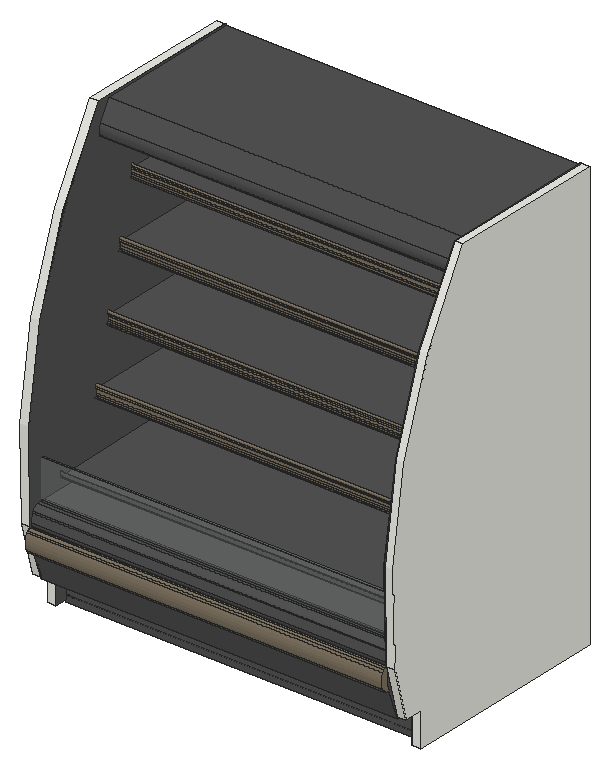
Revit family "IM-C5-R_2014", category Specialty Equipment, Revit 2014
Parameters (values of type "4'-0" Length")
  Width = 48"
  Waste Drain = 1 1/2"  # constant formula
  URL = "www.hussmann.com"
  Type Comments = "Isla"  # constant formula
  Trim = Textured Sheet Metal (Steel Painted) - 701 Black
  Total Weight = Case Weight + (2 * End Weight)  # 0.00 lbf
  Splashguard = Textured Sheet Metal (Steel Painted) - 701 Black
  Side Panel - Right [instance] = yes
  Side Panel - Left [instance] = yes
  Shelves = Sheet Metal (Steel Painted) - 701 Black
  Shelf Lights [instance] = yes
  Revit Family Date = "08/11/2015"  # constant formula
  Refrigeration Lines Suction = 7/8"  # constant formula
  Refrigeration Lines Liquid = 3/8"  # constant formula
  Refrig. Suction = "Suction"
  Refrig. Liquid = "Liquid"
  Note from Manufacturer = "This model only comes in 4'-0\", 5'-0\", 6'-0\", 8'-0\", 10'-0\", and 12'-0\" lengths."
  Model URL = "http://www.hussmann.com/en/Product%20Viewer/display-cases/IM-R"
  Model = "IM-C5-R (Center)"  # constant formula
  Manufacturer Disclaimer = "The information in this file is not intended to be an exact representation of the corresponding Hussmann product.  Further, we reserve the right to change or revise specifications and product design in connection with any feature of our products. Such changes do not entitle the buyer to corresponding changes, improvements, additions, or replacements for equipment previously sold or shipped."  # constant formula
  Manufacturer = "Hussmann Corporation"  # constant formula
  Height = 58"  # constant formula
  Glazing = Glass
  Ends = Textured Sheet Metal (Steel Painted) - 149 White Satin Matte
  End Weight = 0.00 lbf  # constant formula
  Description = "Isla Refrigerated Multi-Deck Self-Service"  # constant formula
  Depth = 33 5/8"  # constant formula
  Cutsheet URL = "http://www.hussmann.com/en/Technical%20Documents/IM-05-R_ds_032015_En.pdf"
  Close Off Panel = Textured Sheet Metal (Steel Painted) - 701 Black
  Case Weight = 0.00 lbf
  Case Interior - Side Panel = Sheet Metal (Steel Painted) - 701 Black
  Case Interior - Back Panel = Sheet Metal (Steel Painted) - 701 Black
  Case = Textured Sheet Metal (Steel Painted) - 701 Black
  Bumper = Extruded PVC - 747 Chocolate Brown
  Assembly Code = ""
  Accessories/Options = ""
Types (6): name | Width
  4'-0" Length | 48"
  5'-0" Length | 60"
  6'-0" Length | 72"
  8'-0" Length | 84"
  10'-0" Length | 120"
  12'-0" Length | 144"
Reference planes (in)
  plane 1 "Back": y = 0
  plane 2 "Bottom": z = 0
  plane 3 "Top": z = 58
  plane 4 "Left": x = -77.30699
  plane 5 "Front": y = -33.625
  plane 6 "Center (Left/Right)": x = -53.30699
  plane 7: x = -78.43199
  plane 8 "Right": x = -29.30699
  plane 9: x = -28.18199
  plane 10: z = 24
  plane 11: z = 68
  plane 12: z = 61
Forms (in)
  Extrusion 1, solid, material "Metal - Copper"
    sketch origin (-39.3125, 1.04319, 0) x (1, 0, 0) y (0, 1, 0)
      loop
        arc (-13.40929, -21.29319) -> (-13.58069, -20.87939) -> (-13.99449, -20.70799) r 0.5852
        arc (-13.99449, -20.70799) -> (-14.40829, -20.87939) -> (-14.57969, -21.29319) r 0.5852
        arc (-14.57969, -21.29319) -> (-14.40829, -21.70699) -> (-13.99449, -21.87839) r 0.5852
        arc (-13.99449, -21.87839) -> (-13.58069, -21.70699) -> (-13.40929, -21.29319) r 0.5852
      loop
        arc (-13.36949, -21.29319) -> (-13.55254, -20.85125) -> (-13.99449, -20.66819) r 0.625
        arc (-13.99449, -20.66819) -> (-14.43643, -20.85125) -> (-14.61949, -21.29319) r 0.625
        arc (-14.61949, -21.29319) -> (-14.43643, -21.73513) -> (-13.99449, -21.91819) r 0.625
        arc (-13.99449, -21.91819) -> (-13.55254, -21.73513) -> (-13.36949, -21.29319) r 0.625
    from 6.53647 to 0
  Extrusion 2, solid, material "Metal - Copper"
    sketch origin (-35.49751, 5, -0.375) x (1, 0, 0) y (0, 1, 0)
      loop
        circle (0.75302, -18.5) r 0.4375
      loop
        circle (0.75302, -18.5) r 0.41359
    from 6.91147 to 0.375
  Extrusion 3, solid, material "Metal - Copper"
    sketch origin (-33.29892, 5, -0.375) x (1, 0, 0) y (0, 1, 0)
      loop
        circle (-0.82057, -18.5) r 0.1875
      loop
        circle (-0.82057, -18.5) r 0.17284
    from 6.91147 to 0.375
  Extrusion 4, solid, material "Textured Sheet Metal (Steel Painted) - 701 Black" <- "Case"
    sketch origin (-77.30699, 0, 0) x (0, 1, 0) y (0, 0, 1)
      loop
        line (-30.92926, 4.51376) -> (0, 4.51376) -> (0, 57.8064) -> (-19.73993, 57.8064) -> (-21.1733, 55.32372)
        arc (-21.1733, 55.32372) -> (-21.3761, 54.63843) -> (-21.24529, 53.93582) r 1.529
        line (-21.24529, 53.93582) -> (-21.14201, 53.70451)
        arc (-21.14201, 53.70451) -> (-21.11951, 53.6786) -> (-21.08638, 53.6696) r 0.059
        line (-21.08638, 53.6696) -> (-20.70782, 53.6696) -> (-20.6027, 53.6696) -> (-20.1967, 54.78505) -> (-17.87102, 54.78505) -> (-18.06949, 54.17421) -> (-14.89694, 53.27216) -> (-14.50686, 54.47271) -> (-14.60895, 54.50588) -> (-14.45925, 54.74403) -> (-7.57366, 54.74403) -> (-5.58142, 52.75179) -> (-5.58142, 14.10885) -> (-30.95577, 14.10934) -> (-31.32393, 14.10471)
        arc (-31.32393, 14.10471) -> (-31.50287, 14.10639) -> (-31.68035, 14.08344) r 1.29773
        arc (-31.68035, 14.08344) -> (-32.18859, 13.86056) -> (-32.55725, 13.44575) r 1.29773
        arc (-32.55725, 13.44575) -> (-32.59572, 13.36457) -> (-32.61943, 13.27793) r 0.51287
        line (-32.61943, 13.27793) -> (-32.83617, 12.08302)
        arc (-32.83617, 12.08302) -> (-32.82977, 11.89836) -> (-32.74726, 11.73304) r 0.4348
        line (-32.74726, 11.73304) -> (-32.69597, 11.73304) -> (-32.69597, 9.37715) -> (-30.92926, 4.51376)
    from 48 <- "Width" to 0
  Extrusion 5, solid, material "Extruded PVC - 747 Chocolate Brown" <- "Bumper"
    sketch origin (-77.30699, 0, 0) x (0, 1, 0) y (0, 0, 1)
      loop
        line (-32.37824, 8.50249) -> (-32.69597, 9.37715) -> (-32.69597, 11.62452)
        arc (-32.69597, 11.62452) -> (-32.82861, 11.5928) -> (-32.95634, 11.545) r 1.10652
        arc (-32.95634, 11.545) -> (-33.09398, 11.46984) -> (-33.21788, 11.37371) r 0.98053
        arc (-33.21788, 11.37371) -> (-33.31986, 11.2653) -> (-33.40426, 11.1427) r 0.98053
        arc (-33.40426, 11.1427) -> (-33.66719, 10.07822) -> (-33.41853, 9.01031) r 2.35
        arc (-33.41853, 9.01031) -> (-33.22253, 8.75749) -> (-32.95634, 8.5812) r 0.98053
        arc (-32.95634, 8.5812) -> (-32.83083, 8.53408) -> (-32.70055, 8.50249) r 1.10652
        line (-32.70055, 8.50249) -> (-32.37824, 8.50249)
    from 0 to 48 <- "Width"
  Extrusion 6, solid
    sketch origin (-77.30699, 0, 0) x (0, 1, 0) y (0, 0, 1)
      loop
        line (-23.44522, 0.71673) -> (-23.44522, 4.51376) -> (-26.79542, 4.51376) -> (-26.79542, 0.82173)
        arc (-26.79542, 0.82173) -> (-26.76467, 0.74749) -> (-26.69042, 0.71673) r 0.105
        line (-26.69042, 0.71673) -> (-25.98269, 0.71673)
        arc (-25.98269, 0.71673) -> (-25.96148, 0.70795) -> (-25.95269, 0.68673) r 0.03
        line (-25.95269, 0.68673) -> (-25.95269, 0.105)
        arc (-25.95269, 0.105) -> (-25.92194, 0.03075) -> (-25.84769, 0) r 0.105
        line (-25.84769, 0) -> (-24.29022, 0)
        arc (-24.29022, 0) -> (-24.21598, 0.03075) -> (-24.18522, 0.105) r 0.105
        line (-24.18522, 0.105) -> (-24.18522, 0.68673)
        arc (-24.18522, 0.68673) -> (-24.17644, 0.70795) -> (-24.15522, 0.71673) r 0.03
        line (-24.15522, 0.71673) -> (-23.44522, 0.71673)
      loop
        line (-3.3502, 0.71673) -> (-2.6402, 0.71673)
        arc (-2.6402, 0.71673) -> (-2.61899, 0.70795) -> (-2.6102, 0.68673) r 0.03
        line (-2.6102, 0.68673) -> (-2.6102, 0.105)
        arc (-2.6102, 0.105) -> (-2.57945, 0.03075) -> (-2.5052, 0) r 0.105
        line (-2.5052, 0) -> (-0.94773, 0)
        arc (-0.94773, 0) -> (-0.87349, 0.03075) -> (-0.84273, 0.105) r 0.105
        line (-0.84273, 0.105) -> (-0.84273, 0.68673)
        arc (-0.84273, 0.68673) -> (-0.83395, 0.70795) -> (-0.81273, 0.71673) r 0.03
        line (-0.81273, 0.71673) -> (-0.105, 0.71673)
        arc (-0.105, 0.71673) -> (-0.03075, 0.74749) -> (0, 0.82173) r 0.105
        line (0, 0.82173) -> (0, 4.51376) -> (-3.3502, 4.51376) -> (-3.3502, 0.71673)
    from 0 to 48 <- "Width"
  Extrusion 7, solid, material "Textured Sheet Metal (Steel Painted) - 701 Black" <- "Close Off Panel"
    sketch origin (-77.30699, 0, 0) x (0, 1, 0) y (0, 0, 1)
      loop
        line (-26.83042, 4.51376) -> (-26.83042, 0) -> (-26.79542, 0) -> (-26.79542, 4.51376) -> (-26.83042, 4.51376)
    from 0 to 48 <- "Width"
  Extrusion 8, solid, material "Sheet Metal (Steel Painted) - 701 Black" <- "Shelves"
    sketch origin (-77.30699, 0, 0) x (0, 1, 0) y (0, 0, 1)
      loop
        line (-5.57944, 47.63201) -> (-15.76025, 47.63201)
        arc (-15.76025, 47.63201) -> (-15.80621, 47.61298) -> (-15.82525, 47.56701) r 0.065
        line (-15.82525, 47.56701) -> (-15.82525, 46.38514)
        arc (-15.82525, 46.38514) -> (-15.80621, 46.33918) -> (-15.76025, 46.32014) r 0.065
        line (-15.76025, 46.32014) -> (-13.82075, 46.32014)
        arc (-13.82075, 46.32014) -> (-13.77479, 46.3011) -> (-13.75575, 46.25514) r 0.065
        line (-13.75575, 46.25514) -> (-13.75575, 46.09075)
        arc (-13.75575, 46.09075) -> (-13.73671, 46.04479) -> (-13.69075, 46.02575) r 0.065
        line (-13.69075, 46.02575) -> (-7.7902, 46.02575)
        arc (-7.7902, 46.02575) -> (-7.76533, 46.0208) -> (-7.74424, 46.00671) r 0.065
        line (-7.74424, 46.00671) -> (-6.46207, 44.72454)
        arc (-6.46207, 44.72454) -> (-6.44098, 44.71045) -> (-6.41611, 44.70551) r 0.065
        line (-6.41611, 44.70551) -> (-5.57944, 44.70551) -> (-5.57944, 47.63201)
      loop
        line (-5.57944, 39.63201) -> (-17.76025, 39.63201)
        arc (-17.76025, 39.63201) -> (-17.80621, 39.61298) -> (-17.82525, 39.56701) r 0.065
        line (-17.82525, 39.56701) -> (-17.82525, 38.38514)
        arc (-17.82525, 38.38514) -> (-17.80621, 38.33918) -> (-17.76025, 38.32014) r 0.065
        line (-17.76025, 38.32014) -> (-15.82075, 38.32014)
        arc (-15.82075, 38.32014) -> (-15.77479, 38.3011) -> (-15.75575, 38.25514) r 0.065
        line (-15.75575, 38.25514) -> (-15.75575, 38.09075)
        arc (-15.75575, 38.09075) -> (-15.73671, 38.04479) -> (-15.69075, 38.02575) r 0.065
        line (-15.69075, 38.02575) -> (-7.7902, 38.02575)
        arc (-7.7902, 38.02575) -> (-7.76533, 38.0208) -> (-7.74424, 38.00671) r 0.065
        line (-7.74424, 38.00671) -> (-6.46207, 36.72454)
        arc (-6.46207, 36.72454) -> (-6.44098, 36.71045) -> (-6.41611, 36.70551) r 0.065
        line (-6.41611, 36.70551) -> (-5.57944, 36.70551) -> (-5.57944, 39.63201)
      loop
        line (-5.57964, 31.63201) -> (-19.78238, 31.63201)
        arc (-19.78238, 31.63201) -> (-19.82834, 31.61298) -> (-19.84738, 31.56701) r 0.065
        line (-19.84738, 31.56701) -> (-19.84738, 30.38514)
        arc (-19.84738, 30.38514) -> (-19.82834, 30.33918) -> (-19.78238, 30.32014) r 0.065
        line (-19.78238, 30.32014) -> (-17.84288, 30.32014)
        arc (-17.84288, 30.32014) -> (-17.79692, 30.3011) -> (-17.77788, 30.25514) r 0.065
        line (-17.77788, 30.25514) -> (-17.77788, 30.09075)
        arc (-17.77788, 30.09075) -> (-17.75884, 30.04479) -> (-17.71288, 30.02575) r 0.065
        line (-17.71288, 30.02575) -> (-7.81233, 30.02575)
        arc (-7.81233, 30.02575) -> (-7.78746, 30.0208) -> (-7.76637, 30.00671) r 0.065
        line (-7.76637, 30.00671) -> (-6.4842, 28.72454)
        arc (-6.4842, 28.72454) -> (-6.46311, 28.71045) -> (-6.43824, 28.70551) r 0.065
        line (-6.43824, 28.70551) -> (-5.57964, 28.70551) -> (-5.57964, 31.63201)
      loop
        line (-5.57944, 23.63201) -> (-21.76025, 23.63201)
        arc (-21.76025, 23.63201) -> (-21.80621, 23.61298) -> (-21.82525, 23.56701) r 0.065
        line (-21.82525, 23.56701) -> (-21.82525, 22.38514)
        arc (-21.82525, 22.38514) -> (-21.80621, 22.33918) -> (-21.76025, 22.32014) r 0.065
        line (-21.76025, 22.32014) -> (-19.82075, 22.32014)
        arc (-19.82075, 22.32014) -> (-19.77479, 22.3011) -> (-19.75575, 22.25514) r 0.065
        line (-19.75575, 22.25514) -> (-19.75575, 22.09075)
        arc (-19.75575, 22.09075) -> (-19.73671, 22.04479) -> (-19.69075, 22.02575) r 0.065
        line (-19.69075, 22.02575) -> (-7.7902, 22.02575)
        arc (-7.7902, 22.02575) -> (-7.76533, 22.0208) -> (-7.74424, 22.00671) r 0.065
        line (-7.74424, 22.00671) -> (-6.46207, 20.72454)
        arc (-6.46207, 20.72454) -> (-6.44098, 20.71045) -> (-6.41611, 20.70551) r 0.065
        line (-6.41611, 20.70551) -> (-5.57944, 20.70551) -> (-5.57944, 23.63201)
      loop
        line (-27.82918, 15.5212) -> (-5.6789, 15.92716)
        arc (-5.6789, 15.92716) -> (-5.65753, 15.91877) -> (-5.64835, 15.89772) r 0.03
        line (-5.64835, 15.89772) -> (-5.63645, 15.44242)
        arc (-5.63645, 15.44242) -> (-5.6454, 15.42049) -> (-5.66746, 15.41189) r 0.03
        line (-5.66746, 15.41189) -> (-6.1222, 15.42737) -> (-6.12343, 15.39139) -> (-6.06791, 15.3895) -> (-5.66869, 15.37591)
        arc (-5.66869, 15.37591) -> (-5.62014, 15.39484) -> (-5.60045, 15.44308) r 0.066
        line (-5.60045, 15.44308) -> (-5.61236, 15.89838)
        arc (-5.61236, 15.89838) -> (-5.63254, 15.94468) -> (-5.67956, 15.96316) r 0.066
        line (-5.67956, 15.96316) -> (-27.82984, 15.55719)
        arc (-27.82984, 15.55719) -> (-27.85121, 15.56559) -> (-27.86038, 15.58665) r 0.03
        line (-27.86038, 15.58665) -> (-27.86371, 15.77061) -> (-27.8276, 15.77127) -> (-27.83275, 16.05222) -> (-27.83611, 16.23519)
        arc (-27.83611, 16.23519) -> (-27.87284, 16.2706) -> (-27.90825, 16.23387) r 0.03608
        line (-27.90825, 16.23387) -> (-27.89638, 15.58598)
        arc (-27.89638, 15.58598) -> (-27.87619, 15.53967) -> (-27.82918, 15.5212) r 0.066
    from 0 to 48 <- "Width"
  Extrusion 9, solid, material "Glass" <- "Glazing"
    sketch origin (-77.30699, 0, 0) x (0, 1, 0) y (0, 0, 1)
      loop
        line (-30.68777, 14.10934) -> (-30.68777, 19.31241) -> (-31.06273, 19.31241) -> (-31.06273, 14.10935) -> (-30.68777, 14.10934)
    from 0 to 48 <- "Width"
  Extrusion 10, solid, material "Textured Sheet Metal (Steel Painted) - 149 White Satin Matte" <- "Ends", visible <- "Side Panel - Right"
    sketch origin (-29.30699, -1.65011, 0) x (0, 0, 1) y (0, -1, 0)
      loop
        line (0.2414, 26.84989) -> (0.2414, -1.65011) -> (57.9914, -1.65011) -> (57.9914, 19.69579)
        arc (57.9914, 19.69579) -> (35.86081, 29.64605) -> (11.64884, 31.24337) r 68.39517
        line (11.64884, 31.24337) -> (4.75766, 29.39688) -> (4.75766, 26.84989) -> (0.2414, 26.84989)
    from 0 to 1.125
  Extrusion 11, solid, material "Extruded PVC - 747 Chocolate Brown" <- "Bumper"
    sketch origin (-77.30699, 0, 0) x (0, 1, 0) y (0, 0, 1)
      loop
        line (-16.00892, 47.91135) -> (-15.8781, 48.02126)
        arc (-15.8781, 48.02126) -> (-15.89292, 47.84354) -> (-15.94086, 47.67177) r 0.94544
        line (-15.94086, 47.67177) -> (-15.856, 47.77742)
        arc (-15.856, 47.77742) -> (-15.86064, 47.61139) -> (-15.88725, 47.44745) r 1.25
        arc (-15.88725, 47.44745) -> (-15.86925, 47.25995) -> (-15.88725, 47.07245) r 0.98556
        arc (-15.88725, 47.07245) -> (-15.86064, 46.9085) -> (-15.856, 46.74247) r 1.25
        line (-15.856, 46.74247) -> (-15.94086, 46.84812)
        arc (-15.94086, 46.84812) -> (-15.89292, 46.67635) -> (-15.8781, 46.49863) r 0.94544
        line (-15.8781, 46.49863) -> (-16.00892, 46.60854)
        arc (-16.00892, 46.60854) -> (-15.96943, 46.4538) -> (-15.82525, 46.38514) r 0.18817
        line (-15.82525, 46.38514) -> (-15.82525, 48.13475)
        arc (-15.82525, 48.13475) -> (-15.96943, 48.06609) -> (-16.00892, 47.91135) r 0.18817
      loop
        line (-18.00892, 39.91135) -> (-17.8781, 40.02126)
        arc (-17.8781, 40.02126) -> (-17.89292, 39.84354) -> (-17.94086, 39.67177) r 0.94544
        line (-17.94086, 39.67177) -> (-17.856, 39.77742)
        arc (-17.856, 39.77742) -> (-17.86064, 39.61139) -> (-17.88725, 39.44745) r 1.25
        arc (-17.88725, 39.44745) -> (-17.86925, 39.25995) -> (-17.88725, 39.07245) r 0.98556
        arc (-17.88725, 39.07245) -> (-17.86064, 38.9085) -> (-17.856, 38.74247) r 1.25
        line (-17.856, 38.74247) -> (-17.94086, 38.84812)
        arc (-17.94086, 38.84812) -> (-17.89292, 38.67635) -> (-17.8781, 38.49863) r 0.94544
        line (-17.8781, 38.49863) -> (-18.00892, 38.60854)
        arc (-18.00892, 38.60854) -> (-17.96943, 38.4538) -> (-17.82525, 38.38514) r 0.18817
        line (-17.82525, 38.38514) -> (-17.82525, 40.13475)
        arc (-17.82525, 40.13475) -> (-17.96943, 40.06609) -> (-18.00892, 39.91135) r 0.18817
      loop
        line (-20.03105, 31.91135) -> (-19.90023, 32.02126)
        arc (-19.90023, 32.02126) -> (-19.91505, 31.84354) -> (-19.96299, 31.67177) r 0.94544
        line (-19.96299, 31.67177) -> (-19.87814, 31.77742)
        arc (-19.87814, 31.77742) -> (-19.88277, 31.61139) -> (-19.90938, 31.44745) r 1.25
        arc (-19.90938, 31.44745) -> (-19.89138, 31.25995) -> (-19.90938, 31.07245) r 0.98556
        arc (-19.90938, 31.07245) -> (-19.88277, 30.9085) -> (-19.87814, 30.74247) r 1.25
        line (-19.87814, 30.74247) -> (-19.96299, 30.84812)
        arc (-19.96299, 30.84812) -> (-19.91505, 30.67635) -> (-19.90023, 30.49863) r 0.94544
        line (-19.90023, 30.49863) -> (-20.03105, 30.60854)
        arc (-20.03105, 30.60854) -> (-19.99156, 30.4538) -> (-19.84738, 30.38514) r 0.18817
        line (-19.84738, 30.38514) -> (-19.84738, 32.13475)
        arc (-19.84738, 32.13475) -> (-19.99156, 32.06609) -> (-20.03105, 31.91135) r 0.18817
      loop
        line (-22.00892, 23.91135) -> (-21.8781, 24.02126)
        arc (-21.8781, 24.02126) -> (-21.89292, 23.84354) -> (-21.94086, 23.67177) r 0.94544
        line (-21.94086, 23.67177) -> (-21.856, 23.77742)
        arc (-21.856, 23.77742) -> (-21.86064, 23.61139) -> (-21.88725, 23.44745) r 1.25
        arc (-21.88725, 23.44745) -> (-21.86925, 23.25995) -> (-21.88725, 23.07245) r 0.98556
        arc (-21.88725, 23.07245) -> (-21.86064, 22.9085) -> (-21.856, 22.74247) r 1.25
        line (-21.856, 22.74247) -> (-21.94086, 22.84812)
        arc (-21.94086, 22.84812) -> (-21.89292, 22.67635) -> (-21.8781, 22.49863) r 0.94544
        line (-21.8781, 22.49863) -> (-22.00892, 22.60854)
        arc (-22.00892, 22.60854) -> (-21.96943, 22.4538) -> (-21.82525, 22.38514) r 0.18817
        line (-21.82525, 22.38514) -> (-21.82525, 24.13475)
        arc (-21.82525, 24.13475) -> (-21.96943, 24.06609) -> (-22.00892, 23.91135) r 0.18817
    from 0 to 48 <- "Width"
  Extrusion 12, solid, material "Textured Sheet Metal (Steel Painted) - 149 White Satin Matte" <- "Ends", visible <- "Side Panel - Left"
    sketch origin (-78.43199, -1.65011, 0) x (0, 0, 1) y (0, -1, 0)
      loop
        line (0.2414, 26.84989) -> (0.2414, -1.65011) -> (57.9914, -1.65011) -> (57.9914, 19.69579)
        arc (57.9914, 19.69579) -> (35.86081, 29.64605) -> (11.64884, 31.24337) r 68.39517
        line (11.64884, 31.24337) -> (4.75766, 29.39688) -> (4.75766, 26.84989) -> (0.2414, 26.84989)
    from 0 to 1.125
  Extrusion 13, solid, material "Sheet Metal (Steel Painted) - 701 Black" <- "Case Interior - Side Panel", visible <- "Side Panel - Right"
    sketch origin (-29.30699, -1.65011, 0) x (0, 0, 1) y (0, -1, 0)
      loop
        line (11.64884, 31.24337) -> (4.75766, 29.39688) -> (4.75766, 26.84989) -> (0.2414, 26.84989) -> (0.2414, -1.65011) -> (57.9914, -1.65011) -> (57.9914, 19.69579)
        arc (57.9914, 19.69579) -> (35.86081, 29.64605) -> (11.64884, 31.24337) r 68.39517
    from 0 to -0.03125
  Extrusion 14, solid, material "Sheet Metal (Steel Painted) - 701 Black" <- "Case Interior - Side Panel", visible <- "Side Panel - Left"
    sketch origin (-77.30699, -1.65011, 0) x (0, 0, 1) y (0, -1, 0)
      loop
        line (11.64884, 31.24337) -> (4.75766, 29.39688) -> (4.75766, 26.84989) -> (0.2414, 26.84989) -> (0.2414, -1.65011) -> (57.9914, -1.65011) -> (57.9914, 19.69579)
        arc (57.9914, 19.69579) -> (35.86081, 29.64605) -> (11.64884, 31.24337) r 68.39517
    from 0 to 0.03125
  Extrusion 15, solid, material "Sheet Metal (Steel Painted) - 701 Black" <- "Case Interior - Back Panel"
    sketch origin (-77.30699, -5.58142, 52.75179) x (0, 0, -1) y (1, 0, 0)
      loop
        line (38.64294, 0.03125) -> (38.64294, 47.96875) -> (0, 47.96875) -> (0, 0.03125) -> (38.64294, 0.03125)
    from 0 to 0.03125
Lines and regions (in)
  reference lines
    curve 1: line (-53.30699, -33.625, 0) -> (-53.30699, 0, 0)
    curve 2: line (-31.80699, -33.625, 0) -> (-31.80699, 0, 0)
    curve 3: line (-34.30699, -33.625, 0) -> (-34.30699, 0, 0)
    curve 4: line (-77.30699, -20.25, 0) -> (-29.30699, -20.25, 0)
    curve 5: line (-29.30699, -13.5, 0) -> (-77.30699, -13.5, 0)
    curve 6: line (-53.30699, -10, 0) -> (-53.30699, -30, 0)
Dimensions and locks (in)
  equal spacing: plane 4 "Left", plane 6 "Center (Left/Right)", plane 8 "Right"
  locked: plane 7 to plane 4 "Left" at 1.125
  "Width": plane 4 "Left" to plane 8 "Right"
  locked: curve 2 to plane 8 "Right" at 2.5
  "Depth": plane 5 "Front" to plane 1 "Back"
  curve 3 to plane 8 "Right" = 5"
  "Height": plane 3 "Top" to level
  plane 1 "Back" to curve 4 = 20 1/4"
  plane 1 "Back" to curve 5 = 13 1/2"
  locked: plane 8 "Right" to plane 9 at 1.125
  locked: plane 10 to level at 24
  locked: plane 11 to level at 68
  plane 12 to plane 3 "Top" = 3"
  locked: Extrusion 13 to plane 8 "Right" at 0.03125
  locked: plane 4 "Left" to Extrusion 14 at 0.03125
  aligned and locked: plane 5 "Front" to curve 1
  aligned and locked: plane 5 "Front" to curve 2
  aligned and locked: plane 4 "Left" to curve 4
  aligned and locked: plane 4 "Left" to curve 5
  aligned and locked: plane 8 "Right" to curve 5
  aligned and locked: plane 8 "Right" to curve 4
  aligned and locked: Extrusion 2 to level
  aligned and locked: Extrusion 3 to level
  aligned and locked: curve 5 to Extrusion 3 sketch curve  (x2)
  aligned and locked: curve 5 to Extrusion 2 sketch curve  (x2)
  aligned and locked: curve 4 to Extrusion 1
  aligned and locked: plane 6 "Center (Left/Right)" to curve 1
  aligned and locked: curve 3 to Extrusion 2
  aligned and locked: curve 3 to Extrusion 3  (x2)
  aligned and locked: curve 6 to plane 6 "Center (Left/Right)"
  aligned and locked: curve 6 to Extrusion 1 sketch curve  (x4)
  aligned and locked: Extrusion 1 sketch curve to Extrusion 1 sketch curve  (x8)
  aligned and locked: plane 4 "Left" to nested 1
  aligned and locked: plane 9 to Extrusion 10
  aligned and locked: Extrusion 10 to plane 8 "Right"
  aligned and locked: plane 4 "Left" to nested 2
  aligned and locked: plane 4 "Left" to nested 3
  aligned and locked: plane 4 "Left" to nested 4
  aligned and locked: plane 4 "Left" to nested 5
  aligned and locked: plane 4 "Left" to Extrusion 12
  aligned and locked: plane 7 to Extrusion 12
  aligned and locked: Extrusion 15 to Extrusion 13
  aligned and locked: Extrusion 15 to Extrusion 14
Automatic sketch dimensions
  Extrusion 1 sketch curve to Extrusion 1 sketch curve = 0"  (x28)
  plane 5 "Front" to Extrusion 1 sketch curve = 13 3/8"
  Extrusion 1 sketch curve to plane 6 "Center (Left/Right)" = 0.5852"
  Extrusion 1 sketch curve to Extrusion 1 sketch curve = 0.0398"
  Extrusion 2 sketch curve to Extrusion 2 sketch curve = 0"  (x4)
  Extrusion 2 sketch curve to plane 8 "Right" = 5 7/16"
  Extrusion 2 sketch curve to Extrusion 2 sketch curve = 0.41359"
  Extrusion 3 sketch curve to Extrusion 3 sketch curve = 0"  (x4)
  Extrusion 3 sketch curve to plane 8 "Right" = 4 13/16"
  Extrusion 3 sketch curve to Extrusion 3 sketch curve = 0.17284"
  curve 3 to plane 5 "Front" = 0"
  plane 1 "Back" to curve 1 = 0"
  plane 1 "Back" to curve 3 = 0"
  plane 1 "Back" to curve 2 = 0"
  plane 5 "Front" to curve 6 = 3 5/8"
  curve 6 to curve 1 = 10"
  Extrusion 4 sketch curve to plane 1 "Back" = 0"
  plane 1 "Back" to Extrusion 4 sketch curve = 5.58142"
  Extrusion 4 sketch curve to Extrusion 4 sketch curve = 1.99224"  (x2)
  plane 3 "Top" to Extrusion 4 sketch curve = 3.25597"
  Extrusion 4 sketch curve to Extrusion 4 sketch curve = 6.88559"
  plane 3 "Top" to Extrusion 4 sketch curve = 3.52729"
  Extrusion 4 sketch curve to Extrusion 4 sketch curve = 0.04761"
  plane 3 "Top" to Extrusion 4 sketch curve = 3.49412"
  Extrusion 4 sketch curve to Extrusion 4 sketch curve = 0.10209"
  plane 3 "Top" to Extrusion 4 sketch curve = 4.72784"
  Extrusion 4 sketch curve to Extrusion 4 sketch curve = 0.39008"
  plane 3 "Top" to Extrusion 4 sketch curve = 3.21495"
  Extrusion 4 sketch curve to Extrusion 4 sketch curve = 3.26207"
  plane 3 "Top" to Extrusion 4 sketch curve = 3.82579"
  Extrusion 4 sketch curve to Extrusion 4 sketch curve = 0.19847"
  plane 3 "Top" to Extrusion 4 sketch curve = 0.1936"
  Extrusion 4 sketch curve to Extrusion 4 sketch curve = 1.86891"
  Extrusion 4 sketch curve to Extrusion 4 sketch curve = 1.77966"
  Extrusion 4 sketch curve to Extrusion 4 sketch curve = 0.34755"
  Extrusion 4 sketch curve to Extrusion 4 sketch curve = 0.75355"
  Extrusion 4 sketch curve to Extrusion 4 sketch curve = 0.10512"
  Extrusion 4 sketch curve to Extrusion 4 sketch curve = 0.37857"
  Extrusion 4 sketch curve to Extrusion 4 sketch curve = 0.00175"
  plane 3 "Top" to Extrusion 4 sketch curve = 4.29549"
  Extrusion 4 sketch curve to Extrusion 4 sketch curve = 0.05387"
  plane 3 "Top" to Extrusion 4 sketch curve = 2.67628"
  Extrusion 4 sketch curve to Extrusion 4 sketch curve = 0.9766"
  plane 3 "Top" to Extrusion 4 sketch curve = 4.06418"
  Extrusion 4 sketch curve to Extrusion 4 sketch curve = 0.10328"
  plane 5 "Front" to Extrusion 4 sketch curve = 2.69574"
  plane 5 "Front" to Extrusion 4 sketch curve = 2.66923"
  Extrusion 4 sketch curve to Extrusion 4 sketch curve = 0.36815"
  Extrusion 4 sketch curve to Extrusion 4 sketch curve = 0.10142"
  Extrusion 4 sketch curve to Extrusion 4 sketch curve = 0.0002"
  Extrusion 4 sketch curve to Extrusion 4 sketch curve = 0.68925"
  plane 5 "Front" to Extrusion 4 sketch curve = 1.21664"
  Extrusion 4 sketch curve to Extrusion 4 sketch curve = 0.50463"
  plane 5 "Front" to Extrusion 4 sketch curve = 0.92903"
  Extrusion 4 sketch curve to Extrusion 4 sketch curve = 0.05129"
  Extrusion 4 sketch curve to Extrusion 4 sketch curve = 0.08891"
  Extrusion 4 sketch curve to plane 10 = 9.89066"
  Extrusion 4 sketch curve to plane 10 = 9.89115"
  Extrusion 4 sketch curve to Extrusion 4 sketch curve = 0.00463"
  Extrusion 4 sketch curve to Extrusion 4 sketch curve = 0.82678"
  Extrusion 4 sketch curve to Extrusion 4 sketch curve = 0.09153"
  Extrusion 4 sketch curve to Extrusion 4 sketch curve = 0.37539"
  Extrusion 4 sketch curve to Extrusion 4 sketch curve = 0.00004"
  Extrusion 4 sketch curve to Extrusion 4 sketch curve = 1.19491"
  Extrusion 4 sketch curve to Extrusion 4 sketch curve = 0.0776"
  Extrusion 4 sketch curve to Extrusion 4 sketch curve = 2.35589"
  level to Extrusion 4 sketch curve = 4.51376"
  Extrusion 4 sketch curve to Extrusion 4 sketch curve = 0.03492"
  Extrusion 4 sketch curve to Extrusion 4 sketch curve = 0.35642"
  Extrusion 5 sketch curve to Extrusion 5 sketch curve = 0"  (x2)
  plane 5 "Front" to Extrusion 5 sketch curve = 0.92445"
  plane 5 "Front" to Extrusion 5 sketch curve = 0.92903"
  Extrusion 5 sketch curve to Extrusion 5 sketch curve = 0.13922"
  Extrusion 5 sketch curve to Extrusion 5 sketch curve = 0.13999"
  Extrusion 5 sketch curve to Extrusion 5 sketch curve = 0.05058"
  Extrusion 5 sketch curve to Extrusion 5 sketch curve = 0.05134"
  Extrusion 5 sketch curve to Extrusion 5 sketch curve = 0.32231"
  Extrusion 5 sketch curve to Extrusion 5 sketch curve = 1.18816"
  level to Extrusion 5 sketch curve = 8.50249"
  Extrusion 5 sketch curve to Extrusion 5 sketch curve = 0.87466"
  Extrusion 5 sketch curve to Extrusion 5 sketch curve = 0.09948"
  Extrusion 5 sketch curve to Extrusion 5 sketch curve = 0.11504"
  Extrusion 5 sketch curve to Extrusion 5 sketch curve = 0.47082"
  Extrusion 5 sketch curve to Extrusion 5 sketch curve = 0.94287"
  Extrusion 5 sketch curve to Extrusion 5 sketch curve = 0.11505"
  Extrusion 5 sketch curve to Extrusion 5 sketch curve = 0.97493"
  Extrusion 5 sketch curve to Extrusion 5 sketch curve = 0.25503"
  Extrusion 5 sketch curve to Extrusion 5 sketch curve = 0.26037"
  Extrusion 5 sketch curve to Extrusion 5 sketch curve = 0.00076"
  Extrusion 5 sketch curve to Extrusion 5 sketch curve = 0.26154"
  plane 5 "Front" to Extrusion 5 sketch curve = 0.22074"
  plane 5 "Front" to Extrusion 5 sketch curve = 0.20647"
  Extrusion 6 sketch curve to level = 0"  (x2)
  Extrusion 6 sketch curve to plane 1 "Back" = 0"
  plane 1 "Back" to Extrusion 6 sketch curve = 0.105"
  Extrusion 6 sketch curve to Extrusion 6 sketch curve = 0.70773"  (x2)
  Extrusion 6 sketch curve to Extrusion 6 sketch curve = 0.03"  (x4)
  Extrusion 6 sketch curve to Extrusion 6 sketch curve = 0.105"  (x3)
  Extrusion 6 sketch curve to Extrusion 6 sketch curve = 1.55747"  (x2)
  plane 1 "Back" to Extrusion 6 sketch curve = 3.3502"
  level to Extrusion 6 sketch curve = 0.71673"
  plane 5 "Front" to Extrusion 6 sketch curve = 10.17978"
  Extrusion 6 sketch curve to Extrusion 6 sketch curve = 0.71"
  level to Extrusion 6 sketch curve = 0.105"
  Extrusion 6 sketch curve to Extrusion 6 sketch curve = 3.3502"
  Extrusion 6 sketch curve to Extrusion 6 sketch curve = 0.58173"  (x3)
  Extrusion 6 sketch curve to Extrusion 6 sketch curve = 3.79703"  (x2)
  Extrusion 7 sketch curve to level = 0"
  plane 5 "Front" to Extrusion 7 sketch curve = 6.79458"
  Extrusion 7 sketch curve to Extrusion 7 sketch curve = 0.035"
  level to Extrusion 7 sketch curve = 4.51376"
  Extrusion 8 sketch curve to Extrusion 8 sketch curve = 0"  (x6)
  plane 5 "Front" to Extrusion 8 sketch curve = 5.71675"
  Extrusion 8 sketch curve to Extrusion 8 sketch curve = 0.01187"
  Extrusion 8 sketch curve to Extrusion 8 sketch curve = 0.03607"  (x2)
  Extrusion 8 sketch curve to Extrusion 8 sketch curve = 0.03267"
  Extrusion 8 sketch curve to Extrusion 8 sketch curve = 0.03599"  (x4)
  Extrusion 8 sketch curve to Extrusion 8 sketch curve = 0.00335"
  Extrusion 8 sketch curve to Extrusion 8 sketch curve = 0.03"
  Extrusion 8 sketch curve to Extrusion 8 sketch curve = 0.00055"  (x3)
  Extrusion 8 sketch curve to Extrusion 8 sketch curve = 0.00066"  (x4)
  Extrusion 8 sketch curve to Extrusion 8 sketch curve = 0.03611"
  Extrusion 8 sketch curve to plane 10 = 0.43299"
  Extrusion 8 sketch curve to Extrusion 8 sketch curve = 6.01086"
  Extrusion 8 sketch curve to Extrusion 8 sketch curve = 0.065"  (x16)
  Extrusion 8 sketch curve to Extrusion 8 sketch curve = 1.91287"
  Extrusion 8 sketch curve to Extrusion 8 sketch curve = 1.9395"  (x4)
  Extrusion 8 sketch curve to Extrusion 8 sketch curve = 1.95713"
  Extrusion 8 sketch curve to Extrusion 8 sketch curve = 1.935"
  plane 1 "Back" to Extrusion 8 sketch curve = 7.81233"
  Extrusion 8 sketch curve to Extrusion 8 sketch curve = 5.90055"
  plane 1 "Back" to Extrusion 8 sketch curve = 7.7902"  (x2)
  Extrusion 8 sketch curve to plane 10 = 2.03925"
  Extrusion 8 sketch curve to Extrusion 8 sketch curve = 0.04596"  (x11)
  Extrusion 8 sketch curve to plane 10 = 1.99329"
  Extrusion 8 sketch curve to Extrusion 8 sketch curve = 1.28217"  (x4)
  Extrusion 8 sketch curve to plane 10 = 3.27546"
  Extrusion 8 sketch curve to Extrusion 8 sketch curve = 0.29268"
  Extrusion 8 sketch curve to Extrusion 8 sketch curve = 0.00122"  (x2)
  Extrusion 8 sketch curve to Extrusion 8 sketch curve = 0.05552"
  Extrusion 8 sketch curve to Extrusion 8 sketch curve = 0.38835"
  Extrusion 8 sketch curve to Extrusion 8 sketch curve = 0.39922"
  Extrusion 8 sketch curve to Extrusion 8 sketch curve = 0.00102"
  Extrusion 8 sketch curve to Extrusion 8 sketch curve = 0.02999"  (x2)
  Extrusion 8 sketch curve to Extrusion 8 sketch curve = 0.85859"
  Extrusion 8 sketch curve to Extrusion 8 sketch curve = 0.83666"  (x3)
  Extrusion 8 sketch curve to Extrusion 8 sketch curve = 0.01904"  (x4)
  Extrusion 8 sketch curve to plane 10 = 7.76481"
  Extrusion 8 sketch curve to Extrusion 8 sketch curve = 0.18297"
  Extrusion 8 sketch curve to Extrusion 8 sketch curve = 4.74235"
  Extrusion 8 sketch curve to Extrusion 8 sketch curve = 0.02879"
  Extrusion 8 sketch curve to Extrusion 8 sketch curve = 0.28095"
  Extrusion 8 sketch curve to Extrusion 8 sketch curve = 0.18408"
  Extrusion 8 sketch curve to Extrusion 8 sketch curve = 0.00054"
  Extrusion 8 sketch curve to Extrusion 8 sketch curve = 0.00067"
  Extrusion 8 sketch curve to Extrusion 8 sketch curve = 0.4553"
  Extrusion 8 sketch curve to Extrusion 8 sketch curve = 0.01548"
  Extrusion 8 sketch curve to Extrusion 8 sketch curve = 0.03598"
  Extrusion 8 sketch curve to Extrusion 8 sketch curve = 0.16439"  (x4)
  plane 10 to Extrusion 8 sketch curve = 4.70551"
  Extrusion 8 sketch curve to Extrusion 8 sketch curve = 1.23621"  (x3)
  Extrusion 8 sketch curve to Extrusion 8 sketch curve = 1.18187"  (x3)
  Extrusion 8 sketch curve to Extrusion 8 sketch curve = 5.07349"  (x2)
  plane 5 "Front" to Extrusion 9 sketch curve = 2.56227"
  Extrusion 9 sketch curve to Extrusion 9 sketch curve = 0.37496"
  Extrusion 9 sketch curve to plane 10 = 9.89066"
  Extrusion 9 sketch curve to Extrusion 9 sketch curve = 0"
  Extrusion 9 sketch curve to plane 10 = 4.68759"
  Extrusion 10 sketch curve to plane 1 "Back" = 0"
  level to Extrusion 10 sketch curve = 0.2414"
  Extrusion 10 sketch curve to Extrusion 10 sketch curve = 4.51626"
  plane 5 "Front" to Extrusion 10 sketch curve = 0.73152"
  Extrusion 10 sketch curve to Extrusion 10 sketch curve = 6.89118"
  Extrusion 10 sketch curve to plane 10 = 4.67615"
  plane 3 "Top" to Extrusion 10 sketch curve = 0.0086"
  Extrusion 10 sketch curve to plane 1 "Back" = 35.0697"
  plane 5 "Front" to Extrusion 10 sketch curve = 5 1/8"
  Extrusion 10 sketch curve to Extrusion 10 sketch curve = 2.54699"
  Extrusion 11 sketch curve to plane 10 = 0.27078"
  plane 5 "Front" to Extrusion 11 sketch curve = 10.51993"
  Extrusion 11 sketch curve to Extrusion 11 sketch curve = 0"  (x4)
  Extrusion 11 sketch curve to Extrusion 11 sketch curve = 0.25027"  (x4)
  plane 10 to Extrusion 11 sketch curve = 0.01065"
  Extrusion 11 sketch curve to Extrusion 11 sketch curve = 0.2816"  (x8)
  Extrusion 11 sketch curve to plane 10 = 1.39146"
  Extrusion 11 sketch curve to Extrusion 11 sketch curve = 0.81456"  (x8)
  Extrusion 11 sketch curve to plane 10 = 0.08865"
  Extrusion 11 sketch curve to plane 10 = 0.32823"
  Extrusion 11 sketch curve to Extrusion 11 sketch curve = 0.06806"  (x8)
  Extrusion 11 sketch curve to plane 10 = 1.15188"
  plane 10 to Extrusion 11 sketch curve = 0.02126"
  Extrusion 11 sketch curve to plane 10 = 1.50137"
  Extrusion 11 sketch curve to Extrusion 11 sketch curve = 0.13082"  (x7)
  Extrusion 11 sketch curve to plane 10 = 0.22258"
  Extrusion 11 sketch curve to Extrusion 11 sketch curve = 0.08485"  (x8)
  Extrusion 11 sketch curve to plane 10 = 1.25753"
  Extrusion 11 sketch curve to Extrusion 11 sketch curve = 0.05285"  (x4)
  Extrusion 11 sketch curve to Extrusion 11 sketch curve = 0.05402"  (x8)
  Extrusion 11 sketch curve to plane 10 = 0.05342"
  Extrusion 11 sketch curve to Extrusion 11 sketch curve = 0.69804"
  plane 10 to Extrusion 11 sketch curve = 6.60854"
  plane 10 to Extrusion 11 sketch curve = 6.84812"
  plane 10 to Extrusion 11 sketch curve = 8.02126"
  plane 10 to Extrusion 11 sketch curve = 6.49863"
  plane 10 to Extrusion 11 sketch curve = 7.77742"
  plane 10 to Extrusion 11 sketch curve = 6.74247"
  Extrusion 11 sketch curve to Extrusion 11 sketch curve = 0.7423"
  Extrusion 11 sketch curve to Extrusion 11 sketch curve = 0.72017"
  plane 3 "Top" to Extrusion 11 sketch curve = 11.15188"
  plane 3 "Top" to Extrusion 11 sketch curve = 9.97874"
  plane 3 "Top" to Extrusion 11 sketch curve = 11.50137"
  plane 3 "Top" to Extrusion 11 sketch curve = 10.22258"
  plane 3 "Top" to Extrusion 11 sketch curve = 11.25753"
  Extrusion 11 sketch curve to Extrusion 11 sketch curve = 0.11349"  (x4)
  Extrusion 11 sketch curve to Extrusion 11 sketch curve = 0.28143"  (x7)
  Extrusion 11 sketch curve to Extrusion 11 sketch curve = 0.46927"  (x5)
  Extrusion 11 sketch curve to Extrusion 11 sketch curve = 0.10565"  (x3)
  Extrusion 11 sketch curve to Extrusion 11 sketch curve = 0.10991"  (x2)
  Extrusion 11 sketch curve to Extrusion 11 sketch curve = 0.07468"  (x4)
  Extrusion 11 sketch curve to Extrusion 11 sketch curve = 6.25039"
  Extrusion 11 sketch curve to Extrusion 11 sketch curve = 0.01062"
  Extrusion 11 sketch curve to Extrusion 11 sketch curve = 0.10566"
  Extrusion 11 sketch curve to Extrusion 11 sketch curve = 0.82365"
  Extrusion 11 sketch curve to Extrusion 11 sketch curve = 0.13393"
  Extrusion 11 sketch curve to Extrusion 11 sketch curve = 0.16916"
  Extrusion 11 sketch curve to Extrusion 11 sketch curve = 0.05361"  (x4)
  Extrusion 12 sketch curve to plane 1 "Back" = 0"
  level to Extrusion 12 sketch curve = 0.2414"
  Extrusion 12 sketch curve to Extrusion 12 sketch curve = 4.51626"
  plane 5 "Front" to Extrusion 12 sketch curve = 0.73152"
  Extrusion 12 sketch curve to Extrusion 12 sketch curve = 6.89118"
  Extrusion 12 sketch curve to plane 10 = 4.67615"
  plane 3 "Top" to Extrusion 12 sketch curve = 0.0086"
  Extrusion 12 sketch curve to plane 1 "Back" = 35.0697"
  plane 5 "Front" to Extrusion 12 sketch curve = 5 1/8"
  Extrusion 12 sketch curve to Extrusion 12 sketch curve = 2.54699"
  Extrusion 13 sketch curve to plane 1 "Back" = 0"
  level to Extrusion 13 sketch curve = 0.2414"
  level to Extrusion 13 sketch curve = 4.75766"
  plane 5 "Front" to Extrusion 13 sketch curve = 0.73152"
  Extrusion 13 sketch curve to Extrusion 13 sketch curve = 6.89118"
  Extrusion 13 sketch curve to plane 10 = 4.67615"
  plane 3 "Top" to Extrusion 13 sketch curve = 0.0086"
  Extrusion 13 sketch curve to plane 1 "Back" = 35.0697"
  plane 5 "Front" to Extrusion 13 sketch curve = 5 1/8"
  Extrusion 13 sketch curve to Extrusion 13 sketch curve = 2.54699"
  Extrusion 14 sketch curve to plane 1 "Back" = 0"
  level to Extrusion 14 sketch curve = 0.2414"
  level to Extrusion 14 sketch curve = 4.75766"
  plane 5 "Front" to Extrusion 14 sketch curve = 0.73152"
  Extrusion 14 sketch curve to Extrusion 14 sketch curve = 6.89118"
  Extrusion 14 sketch curve to plane 10 = 4.67615"
  plane 3 "Top" to Extrusion 14 sketch curve = 0.0086"
  Extrusion 14 sketch curve to plane 1 "Back" = 35.0697"
  plane 5 "Front" to Extrusion 14 sketch curve = 5 1/8"
  Extrusion 14 sketch curve to Extrusion 14 sketch curve = 2.54699"
  Extrusion 15 sketch curve to Extrusion 4 = 0"  (x2)
  Extrusion 4 to Extrusion 15 sketch curve = 1/32"  (x2)
  radius of Extrusion 2 sketch curve = 7/16"
  radius of Extrusion 3 sketch curve = 3/16"
Nested families (in)
  nested 1: "Light" at (-53.30699, -10.42585, 2.28505), type "Light"
  nested 2: "Light" at (-53.30699, -6.02872, -6.17986), visible <- "Shelf Lights", type "Light"
  nested 3: "Light" at (-53.30699, -8.37741, -14.17986), visible <- "Shelf Lights", type "Light"
  nested 4: "Light" at (-53.30699, -10.39954, -22.17986), visible <- "Shelf Lights", type "Light"
  nested 5: "Light" at (-53.30699, -12.37741, -30.17986), visible <- "Shelf Lights", type "Light"
Connectors (in)
  piping at (-53.30699, -20.25, 0), diameter 1.5, driven by "Waste Drain"
    settings: on Extrusion 1, index 8, connector inside diameter 1 1/4", connector length 0", flow factor 0, pipe flow 0 GPM, pressure drop 0.00 psi, fitting loss kfactor 0, connector angle 0.00°, fixture units 0, engagement length 0", angle of deflection 0.00°, flow configuration 0, flow direction 0, fitting loss method 0, system type 16, joint type 0, gender type 0, connector reference index -1, connector utility 0, adjustable connector no, is connector primary yes, connector description "1 1/4\""
  piping at (-34.74449, -13.5, 0), diameter 0.875, driven by "Refrig. Suction", driven by "Refrigeration Lines Suction"
    settings: on Extrusion 2, index 9, connector inside diameter 7/8", connector length 0", flow factor 0, pipe flow 0 GPM, pressure drop 0.00 psi, fitting loss kfactor 0, connector angle 0.00°, fixture units 0, engagement length 0", angle of deflection 0.00°, flow configuration 0, flow direction 2, fitting loss method 0, system type 22, joint type 0, gender type 0, connector reference index -1, connector utility 0, adjustable connector no, is connector primary no, connector description "Suction"
  piping at (-34.11949, -13.5, 0), diameter 0.375, driven by "Refrig. Liquid", driven by "Refrigeration Lines Liquid"
    settings: on Extrusion 3, index 10, connector inside diameter 3/8", connector length 0", flow factor 0, pipe flow 0 GPM, pressure drop 0.00 psi, fitting loss kfactor 0, connector angle 0.00°, fixture units 0, engagement length 0", angle of deflection 0.00°, flow configuration 0, flow direction 1, fitting loss method 0, system type 22, joint type 0, gender type 0, connector reference index -1, connector utility 0, adjustable connector no, is connector primary no, connector description "Liquid"
Definition of nested family "Light"
  Parameters (values of type "Light")
    Wattage = 16.1571 W
    built-in parameter 1150110 = 1 (stored number, unit not read)
    built-in parameter 1114217 = 1 (stored number, unit not read)
    built-in parameter 1150109 = 1 (stored number, unit not read)
    built-in parameter 1150134 = (empty or 0)
    built-in parameter 1150113 = 1 (stored number, unit not read)
    Lumens = 2400 lm
    built-in parameter 1150115 = 1 (stored number, unit not read)
    built-in parameter 1150105 = 763.94 (stored number, unit not read)
    Light Source Symbol Size = 24"
    built-in parameter 1150137 = (empty or 0)
    built-in parameter 1150139 = (empty or 0)
    Lense = none
    Length = 24"
    built-in parameter 1150112 = 1 (stored number, unit not read)
    built-in parameter 1150114 = 1 (stored number, unit not read)
    built-in parameter 1150132 = 2
    built-in parameter 1150102 = (empty or 0)
    built-in parameter 1150138 = (empty or 0)
    built-in parameter 1150107 = 6100 (stored number, unit not read)
    built-in parameter 1150106 = 7.6394 (stored number, unit not read)
    Emit from Line Length = Length  # 24"
    built-in parameter 1150104 = 13.8 (stored number, unit not read)
    Dimming Lamp Color Temperature Shift = (empty or 0)
    Color Filter = 16777215
    Casing = none
    built-in parameter 1114218 = 1 (stored number, unit not read)
    built-in parameter 1150133 = 10 (stored number, unit not read)
  Reference planes (in)
    plane 1 "Light Source Axis (F/B)": y = -8.60801
    plane 2: z = 0
    plane 3 "Light Source Axis (L/R)": x = 0
    plane 4 "Light Source Elevation": z = 52.5
    plane 5: z = 0
    plane 6 "Left": x = -12
    plane 7 "Right": x = 12
  Lines and regions (in)
    model lines
      curve 1: line (-12, -8.60801, 52.5) -> (12, -8.60801, 52.5)
  Dimensions and locks (in)
    equal spacing: plane 7 "Right", plane 3 "Light Source Axis (L/R)", plane 6 "Left"
    "Length": plane 7 "Right" to plane 6 "Left"
    aligned and locked: plane 3 "Light Source Axis (L/R)" to imposter light
    aligned and locked: plane 1 "Light Source Axis (F/B)" to imposter light
    aligned and locked: plane 4 "Light Source Elevation" to imposter light
    aligned and locked: level to plane 5
  Automatic sketch dimensions
    plane 1 "Light Source Axis (F/B)" to curve 1 = 0"
    curve 1 to plane 6 "Left" = 0"
    curve 1 to plane 7 "Right" = 0"
